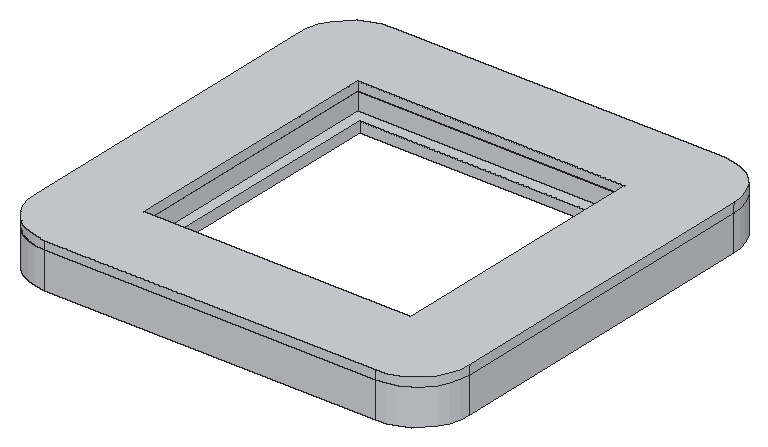
Revit family "Gira_0211410", category Electrical Fixtures, host Face, Revit 2017
Family settings
  Host = Face
  Maintain Annotation Orientation = No
  Round Connector Dimension = Use Diameter
  Part Type = Normal
  Cut with Voids When Loaded = No
  Shared = No
  Room Calculation Point = No
Parameters (values of type "Abdeckrahmen 1f Gira E3 Reinweiß/Reinweiß")
  Werkstoffgüte = "sonstige"
  Werkstoff = "sonstige"
  URL = "http://katalog.gira.de/de_DE/datenblatt.html?artikelnr=0211410"
  Transparent = "No"
  Textfeld/Beschriftungsfläche = "No"
  Schutzart (IP) = "IP20"
  Region = "DE"
  RAL-Nummer (ähnlich) = "9010 "
  Oberfläche = "sonstige"
  Name = "Abdeckrahmen 1f Gira E3 Reinweiß/Reinweiß"
  Montagerichtung = "horizontal und vertikal"
  Mit Montagerahmen = "No"
  Mit Klappdeckel = "No"
  Manufacturer URL = "https://www.gira.de/"
  Keynote = "E3_Rahmen_1fach"
  HeinzeBIM = "https://bimportal.heinze.de/bim/abdeckrahmen-1f-gira-e3-reinweiss-reinweiss/e4158de824f81871bbc9d30e0a2e9c24c80d6536"
  Halogenfrei = "Yes"
  HAN = "0211410"
  Geeignet für Unterputz-Installation = "Yes"
  Geeignet für Unterflurkanaldose = "No"
  Geeignet für Geräteeinbaukanal = "No"
  Geeignet für Einbauinstallation = "No"
  GTIN = "4010337023715"
  Farbe = "weiß"
  Default Elevation = 1219.2 mm
  Data sheet (1) = "https://katalog.gira.de/de_DE/download.html?artikelnr=0211410"
  Category = "Abdeckrahmen"
  Befestigungsart = "Klemmbefestigung"
  Available = "Yes"
  Ausführung der Oberfläche = "glänzend"
  Anzahl der Einheiten vertikal = "1 "
  Anzahl der Einheiten horizontal = "1 "
  Anzahl der Einheiten = "1 "
Reference planes
  plane 1 "Center (Front/Back)": y = 0
  plane 2: z = 0
  plane 3 "Center (Left/Right)": x = 0
Forms (mm)
  Extrusion 1, solid, detail levels fine
    sketch origin (0, 0, 0) x (1, 0, 0) y (0, 1, 0)
      loop
        arc (-34.8, 45.809) -> (-42.585, 42.585) -> (-45.809, 34.8) r 11.009
        line (-45.809, 34.8) -> (-45.809, -34.8)
        arc (-45.809, -34.8) -> (-42.585, -42.585) -> (-34.8, -45.809) r 11.009
        line (-34.8, -45.809) -> (34.8, -45.809)
        arc (34.8, -45.809) -> (42.585, -42.585) -> (45.809, -34.8) r 11.009
        line (45.809, -34.8) -> (45.809, 34.8)
        arc (45.809, 34.8) -> (42.585, 42.585) -> (34.8, 45.809) r 11.009
        line (34.8, 45.809) -> (-34.8, 45.809)
      loop
        line (28.187, 28.156) -> (-28.187, 28.156) -> (-28.187, -28.156) -> (28.187, -28.156) -> (28.187, 28.156)
    from 7.65 to 9.5
  Extrusion 2, solid, detail levels fine
    sketch origin (0, 0, 0) x (1, 0, 0) y (0, 1, 0)
      loop
        line (25.7, 25.7) -> (-25.7, 25.7) -> (-25.7, -25.7) -> (25.7, -25.7) -> (25.7, 25.7)
      loop
        line (-28.187, -28.156) -> (28.187, -28.156) -> (28.187, 28.156) -> (-28.187, 28.156) -> (-28.187, -28.156)
    from 1.65 to 3.9
  Extrusion 3, solid, detail levels fine
    sketch origin (0, 0, 0) x (1, 0, 0) y (0, 1, 0)
      loop
        arc (-34.8, 45.809) -> (-42.585, 42.585) -> (-45.809, 34.8) r 11.009
        line (-45.809, 34.8) -> (-45.809, -34.8)
        arc (-45.809, -34.8) -> (-42.585, -42.585) -> (-34.8, -45.809) r 11.009
        line (-34.8, -45.809) -> (34.8, -45.809)
        arc (34.8, -45.809) -> (42.585, -42.585) -> (45.809, -34.8) r 11.009
        line (45.809, -34.8) -> (45.809, 34.8)
        arc (45.809, 34.8) -> (42.585, 42.585) -> (34.8, 45.809) r 11.009
        line (34.8, 45.809) -> (-34.8, 45.809)
      loop
        line (-43.843, 34.785) -> (-43.843, -34.785)
        arc (-43.843, -34.785) -> (-41.19, -41.19) -> (-34.785, -43.843) r 9.058
        line (-34.785, -43.843) -> (34.785, -43.843)
        arc (34.785, -43.843) -> (41.19, -41.19) -> (43.843, -34.785) r 9.058
        line (43.843, -34.785) -> (43.843, 34.785)
        arc (43.843, 34.785) -> (41.19, 41.19) -> (34.785, 43.843) r 9.058
        line (34.785, 43.843) -> (-34.785, 43.843)
        arc (-34.785, 43.843) -> (-41.19, 41.19) -> (-43.843, 34.785) r 9.058
    from 0 to 7.65
  Extrusion 4, solid, detail levels fine
    sketch origin (0, 0, 0) x (1, 0, 0) y (0, 1, 0)
      loop
        line (-27.337, -31.075) -> (27.337, -31.075)
        arc (27.337, -31.075) -> (29.98, -29.98) -> (31.075, -27.337) r 3.739
        line (31.075, -27.337) -> (31.075, 27.337)
        arc (31.075, 27.337) -> (29.98, 29.98) -> (27.337, 31.075) r 3.739
        line (27.337, 31.075) -> (-27.337, 31.075)
        arc (-27.337, 31.075) -> (-29.98, 29.98) -> (-31.075, 27.337) r 3.739
        line (-31.075, 27.337) -> (-31.075, -27.337)
        arc (-31.075, -27.337) -> (-29.98, -29.98) -> (-27.337, -31.075) r 3.739
      loop
        line (-29.925, 27.537) -> (-29.925, -27.537)
        arc (-29.925, -27.537) -> (-29.226, -29.226) -> (-27.537, -29.925) r 2.389
        line (-27.537, -29.925) -> (27.537, -29.925)
        arc (27.537, -29.925) -> (29.226, -29.226) -> (29.925, -27.537) r 2.389
        line (29.925, -27.537) -> (29.925, 27.537)
        arc (29.925, 27.537) -> (29.226, 29.226) -> (27.537, 29.925) r 2.389
        line (27.537, 29.925) -> (-27.537, 29.925)
        arc (-27.537, 29.925) -> (-29.226, 29.226) -> (-29.925, 27.537) r 2.389
    from 1.65 to 7.65
  Extrusion 5, solid, detail levels fine
    sketch origin (0, 0, 0) x (1, 0, 0) y (0, 1, 0)
      loop
        line (-32.053, -39.8) -> (32.053, -39.8)
        arc (32.053, -39.8) -> (37.667, -36.708) -> (39.9, -30.7) r 9.2
        line (39.9, -30.7) -> (39.9, 30.7)
        arc (39.9, 30.7) -> (37.205, 37.205) -> (30.7, 39.9) r 9.2
        line (30.7, 39.9) -> (-30.7, 39.9)
        arc (-30.7, 39.9) -> (-37.205, 37.205) -> (-39.9, 30.7) r 9.2
        line (-39.9, 30.7) -> (-39.9, -30.7)
        arc (-39.9, -30.7) -> (-37.667, -36.708) -> (-32.053, -39.8) r 9.2
      loop
        line (-30.7, -31.7) -> (30.7, -31.7)
        arc (30.7, -31.7) -> (31.407, -31.407) -> (31.7, -30.7) r 1
        line (31.7, -30.7) -> (31.7, 30.7)
        arc (31.7, 30.7) -> (31.407, 31.407) -> (30.7, 31.7) r 1
        line (30.7, 31.7) -> (-30.7, 31.7)
        arc (-30.7, 31.7) -> (-31.407, 31.407) -> (-31.7, 30.7) r 1
        line (-31.7, 30.7) -> (-31.7, -30.7)
        arc (-31.7, -30.7) -> (-31.407, -31.407) -> (-30.7, -31.7) r 1
    from 1.65 to 3.9
  Extrusion 6, solid, detail levels fine
    sketch origin (0, 0, 0) x (1, 0, 0) y (0, 1, 0)
      loop
        line (-28.187, 28.156) -> (-28.187, -28.156) -> (28.187, -28.156) -> (28.187, 28.156) -> (-28.187, 28.156)
      loop
        line (-29.925, 29.925) -> (-29.925, -29.925) -> (29.925, -29.925) -> (29.925, 29.925) -> (-29.925, 29.925)
    from 1.65 to 7.65
  Extrusion 7, solid, detail levels coarse+medium
    sketch origin (0, 0, 0) x (1, 0, 0) y (0, 1, 0)
      loop
        line (-45.809, 45.809) -> (-45.809, -45.809) -> (45.809, -45.809) -> (45.809, 45.809) -> (-45.809, 45.809)
    from 0 to 9.5
Dimensions and locks
  aligned and locked: plane 2 to host face
  aligned and locked: level to host face
